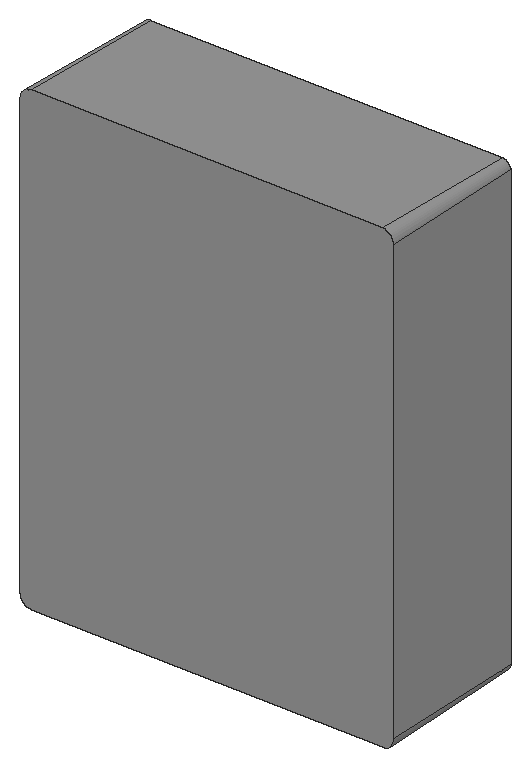
Revit family "L&L_LUCE&LIGHT_PASITO_MINI_1.2", category Lighting Fixtures, host Wall, Revit 2018 (continued)
Types (2, lengths in cm): name | Photometric Web File | built-in parameter 1150142
    0.00 0.00 0.00 0.00 \r\n0.00 0.00 0.00 0.00 0.00 0.00 0.00 0.00 0.00 0.00 0.00 \r\n0.00 0.00 0.00 0.00 0.00 0.00 0.00 0.00 0.00 0.00 0.00 \r\n0.00 0.00 0.00 0.00 0.00 0.00 0.00 0.00 0.00 0.00 0.00 \r\n0.00 0.00 0.00 0.00 0.00 0.00 0.00 0.00 0.00 0.00 0.00 \r\n0.00 0.00 0.00 0.00 0.00 0.00 0.00 0.00 0.00 0.00 0.00 \r\n0.00 0.00 0.00 0.00 0.00 0.00 0.00 0.00 0.00 0.00 0.00 \r\n0.00 0.00 0.00 0.00 0.00 \r\n0.00 0.00 0.00 0.00 0.00 0.00 0.00 0.00 0.00 0.00 0.00 \r\n0.00 0.00 0.00 0.00 0.00 0.00 0.00 0.00 0.00 0.00 0.00 \r\n0.00 0.00 0.00 0.00 0.00 0.00 0.00 0.00 0.00 0.00 0.00 \r\n0.00 0.00 0.00 0.00 0.00 0.00 0.00 0.00 0.00 0.00 0.00 \r\n0.00 0.00 0.00 0.00 0.00 0.00 0.00 0.00 0.00 0.00 0.00 \r\n0.00 0.00 0.00 0.00 0.00 0.00 0.00 0.00 0.00 0.00 0.00 \r\n0.00 0.00 0.00 0.00 0.00 0.00 0.00 0.00 0.00 0.00 0.00 \r\n0.00 0.00 0.00 0.00 0.00 0.00 0.00 0.00 0.00 0.00 0.00 \r\n0.00 0.00 0.00 0.00 0.00 0.00 0.00 0.00 0.00 0.00 0.00 \r\n0.00 0.00 0.00 0.00 0.00 0.00 0.00 0.00 0.00 0.00 0.00 \r\n0.00 0.00 0.00 0.00 0.00 0.00 0.00 0.00 0.00 0.00 0.00 \r\n0.00 0.00 0.00 0.00 0.00 0.00 0.00 0.00 0.00 0.00 0.00 \r\n0.00 0.00 0.00 0.00 0.00 0.00 0.00 0.00 0.00 0.00 0.00 \r\n0.00 0.00 0.00 0.00 0.00 0.00 0.00 0.00 0.00 0.00 0.00 \r\n0.00 0.00 0.00 0.00 0.00 0.00 0.00 0.00 0.00 0.00 0.00 \r\n0.00 0.00 0.00 0.00 0.00 0.00 0.00 0.00 0.00 0.00 0.00 \r\n0.00 0.00 0.00 0.00 0.00 \r\n0.00 0.00 0.00 0.00 0.00 0.00 0.00 0.00 0.00 0.00 0.00 \r\n0.00 0.00 0.00 0.00 0.00 0.00 0.00 0.00 0.00 0.00 0.00 \r\n0.00 0.00 0.00 0.00 0.00 0.00 0.00 0.00 0.00 0.00 0.00 \r\n0.00 0.00 0.00 0.00 0.00 0.00 0.00 0.00 0.00 0.00 0.00 \r\n0.00 0.00 0.00 0.00 0.00 0.00 0.00 0.00 0.00 0.00 0.00 \r\n0.00 0.00 0.00 0.00 0.00 0.00 0.00 0.00 0.00 0.00 0.00 \r\n0.00 0.00 0.00 0.00 0.00 0.00 0.00 0.00 0.00 0.00 0.00 \r\n0.00 0.00 0.00 0.00 0.00 0.00 0.00 0.00 0.00 0.00 0.00 \r\n0.00 0.00 0.00 0.00 0.00 0.00 0.00 0.00 0.00 0.00 0.00 \r\n0.00 0.00 0.00 0.00 0.00 0.00 0.00 0.00 0.00 0.00 0.00 \r\n0.00 0.00 0.00 0.00 0.00 0.00 0.00 0.00 0.00 0.00 0.00 \r\n0.00 0.00 0.00 0.00 0.00 0.00 0.00 0.00 0.00 0.00 0.00 \r\n0.00 0.00 0.00 0.00 0.00 0.00 0.00 0.00 0.00 0.00 0.00 \r\n0.00 0.00 0.00 0.00 0.00 0.00 0.00 0.00 0.00 0.00 0.00 \r\n0.00 0.00 0.00 0.00 0.00 0.00 0.00 0.00 0.00 0.00 0.00 \r\n0.00 0.00 0.00 0.00 0.00 0.00 0.00 0.00 0.00 0.00 0.00 \r\n0.00 0.00 0.00 0.00 0.00 \r\n0.00 0.00 0.00 0.00 0.00 0.00 0.00 0.00 0.00 0.00 0.00 \r\n0.00 0.00 0.00 0.00 0.00 0.00 0.00 0.00 0.00 0.00 0.00 \r\n0.00 0.00 0.00 0.00 0.00 0.00 0.00 0.00 0.00 0.00 0.00 \r\n0.00 0.00 0.00 0.00 0.00 0.00 0.00 0.00 0.00 0.00 0.00 \r\n0.00 0.00 0.00 0.00 0.00 0.00 0.00 0.00 0.00 0.00 0.00 \r\n0.00 0.00 0.00 0.00 0.00 0.00 0.00 0.00 0.00 0.00 0.00 \r\n0.00 0.00 0.00 0.00 0.00 0.00 0.00 0.00 0.00 0.00 0.00 \r\n0.00 0.00 0.00 0.00 0.00 0.00 0.00 0.00 0.00 0.00 0.00 \r\n0.00 0.00 0.00 0.00 0.00 0.00 0.00 0.00 0.00 0.00 0.00 \r\n0.00 0.00 0.00 0.00 0.00 0.00 0.00 0.00 0.00 0.00 0.00 \r\n0.00 0.00 0.00 0.00 0.00 0.00 0.00 0.00 0.00 0.00 0.00 \r\n0.00 0.00 0.00 0.00 0.00 0.00 0.00 0.00 0.00 0.00 0.00 \r\n0.00 0.00 0.00 0.00 0.00 0.00 0.00 0.00 0.00 0.00 0.00 \r\n0.00 0.00 0.00 0.00 0.00 0.00 0.00 0.00 0.00 0.00 0.00 \r\n0.00 0.00 0.00 0.00 0.00 0.00 0.00 0.00 0.00 0.00 0.00 \r\n0.00 0.00 0.00 0.00 0.00 0.00 0.00 0.00 0.00 0.00 0.00 \r\n0.00 0.00 0.00 0.00 0.00 \r\n0.00 0.00 0.00 0.00 0.00 0.00 0.00 0.00 0.00 0.00 0.00 \r\n0.00 0.00 0.00 0.00 0.00 0.00 0.00 0.00 0.00 0.00 0.00 \r\n0.00 0.00 0.00 0.00 0.00 0.00 0.00 0.00 0.00 0.00 0.00 \r\n0.00 0.00 0.00 0.00 0.00 0.00 0.00 0.00 0.00 0.00 0.00 \r\n0.00 0.00 0.00 0.00 0.00 0.00 0.00 0.00 0.00 0.00 0.00 \r\n0.00 0.00 0.00 0.00 0.00 0.00 0.00 0.00 0.00 0.00 0.00 \r\n0.00 0.00 0.00 0.00 0.00 0.00 0.00 0.00 0.00 0.00 0.00 \r\n0.00 0.00 0.00 0.00 0.00 0.00 0.00 0.00 0.00 0.00 0.00 \r\n0.00 0.00 0.00 0.00 0.00 0.00 0.00 0.00 0.00 0.00 0.00 \r\n0.00 0.00 0.00 0.00 0.00 0.00 0.00 0.00 0.00 0.00 0.00 \r\n0.00 0.00 0.00 0.00 0.00 0.00 0.00 0.00 0.00 0.00 0.00 \r\n0.00 0.00 0.00 0.00 0.00 0.00 0.00 0.00 0.00 0.00 0.00 \r\n0.00 0.00 0.00 0.00 0.00 0.00 0.00 0.00 0.00 0.00 0.00 \r\n0.00 0.00 0.00 0.00 0.00 0.00 0.00 0.00 0.00 0.00 0.00 \r\n0.00 0.00 0.00 0.00 0.00 0.00 0.00 0.00 0.00 0.00 0.00 \r\n0.00 0.00 0.00 0.00 0.00 0.00 0.00 0.00 0.00 0.00 0.00 \r\n0.00 0.00 0.00 0.00 0.00 \r\n0.00 0.00 0.00 0.00 0.00 0.00 0.00 0.00 0.00 0.00 0.00 \r\n0.00 0.00 0.00 0.00 0.00 0.00 0.00 0.00 0.00 0.00 0.00 \r\n0.00 0.00 0.00 0.00 0.00 0.00 0.00 0.00 0.00 0.00 0.00 \r\n0.00 0.00 0.00 0.00 0.00 0.00 0.00 0.00 0.00 0.00 0.00 \r\n0.00 0.00 0.00 0.00 0.00 0.00 0.00 0.00 0.00 0.00 0.00 \r\n0.00 0.00 0.00 0.00 0.00 0.00 0.00 0.00 0.00 0.00 0.00 \r\n0.00 0.00 0.00 0.00 0.00 0.00 0.00 0.00 0.00 0.00 0.00 \r\n0.00 0.00 0.00 0.00 0.00 0.00 0.00 0.00 0.00 0.00 0.00 \r\n0.00 0.00 0.00 0.00 0.00 0.00 0.00 0.00 0.00 0.00 0.00 \r\n0.00 0.00 0.00 0.00 0.00 0.00 0.00 0.00 0.00 0.00 0.00 \r\n0.00 0.00 0.00 0.00 0.00 0.00 0.00 0.00 0.00 0.00 0.00 \r\n0.00 0.00 0.00 0.00 0.00 0.00 0.00 0.00 0.00 0.00 0.00 \r\n0.00 0.00 0.00 0.00 0.00 0.00 0.00 0.00 0.00 0.00 0.00 \r\n0.00 0.00 0.00 0.00 0.00 0.00 0.00 0.00 0.00 0.00 0.00 \r\n0.00 0.00 0.00 0.00 0.00 0.00 0.00 0.00 0.00 0.00 0.00 \r\n0.00 0.00 0.00 0.00 0.00 0.00 0.00 0.00 0.00 0.00 0.00 \r\n0.00 0.00 0.00 0.00 0.00 \r\n0.00 0.00 0.00 0.00 0.00 0.00 0.00 0.00 0.00 0.00 0.00 \r\n0.00 0.00 0.00 0.00 0.00 0.00 0.00 0.00 0.00 0.00 0.00 \r\n0.00 0.00 0.00 0.00 0.00 0.00 0.00 0.00 0.00 0.00 0.00 \r\n0.00 0.00 0.00 0.00 0.00 0.00 0.00 0.00 0.00 0.00 0.00 \r\n0.00 0.00 0.00 0.00 0.00 0.00 0.00 0.00 0.00 0.00 0.00 \r\n0.00 0.00 0.00 0.00 0.00 0.00 0.00 0.00 0.00 0.00 0.00 \r\n0.00 0.00 0.00 0.00 0.00 0.00 0.00 0.00 0.00 0.00 0.00 \r\n0.00 0.00 0.00 0.00 0.00 0.00 0.00 0.00 0.00 0.00 0.00 \r\n0.00 0.00 0.00 0.00 0.00 0.00 0.00 0.00 0.00 0.00 0.00 \r\n0.00 0.00 0.00 0.00 0.00 0.00 0.00 0.00 0.00 0.00 0.00 \r\n0.00 0.00 0.00 0.00 0.00 0.00 0.00 0.00 0.00 0.00 0.00 \r\n0.00 0.00 0.00 0.00 0.00 0.00 0.00 0.00 0.00 0.00 0.00 \r\n0.00 0.00 0.00 0.00 0.00 0.00 0.00 0.00 0.00 0.00 0.00 \r\n0.00 0.00 0.00 0.00 0.00 0.00 0.00 0.00 0.00 0.00 0.00 \r\n0.00 0.00 0.00 0.00 0.00 0.00 0.00 0.00 0.00 0.00 0.00 \r\n0.00 0.00 0.00 0.00 0.00 0.00 0.00 0.00 0.00 0.00 0.00 \r\n0.00 0.00 0.00 0.00 0.00 \r\n0.00 0.00 0.00 0.00 0.00 0.00 0.00 0.00 0.00 0.00 0.00 \r\n0.00 0.00 0.00 0.00 0.00 0.00 0.00 0.00 0.00 0.00 0.00 \r\n0.00 0.00 0.00 0.00 0.00 0.00 0.00 0.00 0.00 0.00 0.00 \r\n0.00 0.00 0.00 0.00 0.00 0.00 0.00 0.00 0.00 0.00 0.00 \r\n0.00 0.00 0.00 0.00 0.00 0.00 0.00 0.00 0.00 0.00 0.00 \r\n0.00 0.00 0.00 0.00 0.00 0.00 0.00 0.00 0.00 0.00 0.00 \r\n0.00 0.00 0.00 0.00 0.00 0.00 0.00 0.00 0.00 0.00 0.00 \r\n0.00 0.00 0.00 0.00 0.00 0.00 0.00 0.00 0.00 0.00 0.00 \r\n0.00 0.00 0.00 0.00 0.00 0.00 0.00 0.00 0.00 0.00 0.00 \r\n0.00 0.00 0.00 0.00 0.00 0.00 0.00 0.00 0.00 0.00 0.00 \r\n0.00 0.00 0.00 0.00 0.00 0.00 0.00 0.00 0.00 0.00 0.00 \r\n0.00 0.00 0.00 0.00 0.00 0.00 0.00 0.00 0.00 0.00 0.00 \r\n0.00 0.00 0.00 0.00 0.00 0.00 0.00 0.00 0.00 0.00 0.00 \r\n0.00 0.00 0.00 0.00 0.00 0.00 0.00 0.00 0.00 0.00 0.00 \r\n0.00 0.00 0.00 0.00 0.00 0.00 0.00 0.00 0.00 0.00 0.00 \r\n0.00 0.00 0.00 0.00 0.00 0.00 0.00 0.00 0.00 0.00 0.00 \r\n0.00 0.00 0.00 0.00 0.00 \r\n0.00 0.00 0.00 0.00 0.00 0.00 0.00 0.00 0.00 0.00 0.00 \r\n0.00 0.00 0.00 0.00 0.00 0.00 0.00 0.00 0.00 0.00 0.00 \r\n0.00 0.00 0.00 0.00 0.00 0.00 0.00 0.00 0.00 0.00 0.00 \r\n0.00 0.00 0.00 0.00 0.00 0.00 0.00 0.00 0.00 0.00 0.00 \r\n0.00 0.00 0.00 0.00 0.00 0.00 0.00 0.00 0.00 0.00 0.00 \r\n0.00 0.00 0.00 0.00 0.00 0.00 0.00 0.00 0.00 0.00 0.00 \r\n0.00 0.00 0.00 0.00 0.00 0.00 0.00 0.00 0.00 0.00 0.00 \r\n0.00 0.00 0.00 0.00 0.00 0.00 0.00 0.00 0.00 0.00 0.00 \r\n0.00 0.00 0.00 0.00 0.00 0.00 0.00 0.00 0.00 0.00 0.00 \r\n0.00 0.00 0.00 0.00 0.00 0.00 0.00 0.00 0.00 0.00 0.00 \r\n0.00 0.00 0.00 0.00 0.00 0.00 0.00 0.00 0.00 0.00 0.00 \r\n0.00 0.00 0.00 0.00 0.00 0.00 0.00 0.00 0.00 0.00 0.00 \r\n0.00 0.00 0.00 0.00 0.00 0.00 0.00 0.00 0.00 0.00 0.00 \r\n0.00 0.00 0.00 0.00 0.00 0.00 0.00 0.00 0.00 0.00 0.00 \r\n0.00 0.00 0.00 0.00 0.00 0.00 0.00 0.00 0.00 0.00 0.00 \r\n0.00 0.00 0.00 0.00 0.00 0.00 0.00 0.00 0.00 0.00 0.00 \r\n0.00 0.00 0.00 0.00 0.00 \r\n0.00 0.00 0.00 0.00 0.00 0.00 0.00 0.00 0.00 0.00 0.00 \r\n0.00 0.00 0.00 0.00 0.00 0.00 0.00 0.00 0.00 0.00 0.00 \r\n0.00 0.00 0.00 0.00 0.00 0.00 0.00 0.00 0.00 0.00 0.00 \r\n0.00 0.00 0.00 0.00 0.00 0.00 0.00 0.00 0.00 0.00 0.00 \r\n0.00 0.00 0.00 0.00 0.00 0.00 0.00 0.00 0.00 0.00 0.00 \r\n0.00 0.00 0.00 0.00 0.00 0.00 0.00 0.00 0.00 0.00 0.00 \r\n0.00 0.00 0.00 0.00 0.00 0.00 0.00 0.00 0.00 0.00 0.00 \r\n0.00 0.00 0.00 0.00 0.00 0.00 0.00 0.00 0.00 0.00 0.00 \r\n0.00 0.00 0.00 0.00 0.00 0.00 0.00 0.00 0.00 0.00 0.00 \r\n0.00 0.00 0.00 0.00 0.00 0.00 0.00 0.00 0.00 0.00 0.00 \r\n0.00 0.00 0.00 0.00 0.00 0.00 0.00 0.00 0.00 0.00 0.00 \r\n0.00 0.00 0.00 0.00 0.00 0.00 0.00 0.00 0.00 0.00 0.00 \r\n0.00 0.00 0.00 0.00 0.00 0.00 0.00 0.00 0.00 0.00 0.00 \r\n0.00 0.00 0.00 0.00 0.00 0.00 0.00 0.00 0.00 0.00 0.00 \r\n0.00 0.00 0.00 0.00 0.00 0.00 0.00 0.00 0.00 0.00 0.00 \r\n0.00 0.00 0.00 0.00 0.00 0.00 0.00 0.00 0.00 0.00 0.00 \r\n0.00 0.00 0.00 0.00 0.00 \r\n0.00 0.00 0.00 0.00 0.00 0.00 0.00 0.00 0.00 0.00 0.00 \r\n0.00 0.00 0.00 0.00 0.00 0.00 0.00 0.00 0.00 0.00 0.00 \r\n0.00 0.00 0.00 0.00 0.00 0.00 0.00 0.00 0.00 0.00 0.00 \r\n0.00 0.00 0.00 0.00 0.00 0.00 0.00 0.00 0.00 0.00 0.00 \r\n0.00 0.00 0.00 0.00 0.00 0.00 0.00 0.00 0.00 0.00 0.00 \r\n0.00 0.00 0.00 0.00 0.00 0.00 0.00 0.00 0.00 0.00 0.00 \r\n0.00 0.00 0.00 0.00 0.00 0.00 0.00 0.00 0.00 0.00 0.00 \r\n0.00 0.00 0.00 0.00 0.00 0.00 0.00 0.00 0.00 0.00 0.00 \r\n0.00 0.00 0.00 0.00 0.00 0.00 0.00 0.00 0.00 0.00 0.00 \r\n0.00 0.00 0.00 0.00 0.00 0.00 0.00 0.00 0.00 0.00 0.00 \r\n0.00 0.00 0.00 0.00 0.00 0.00 0.00 0.00 0.00 0.00 0.00 \r\n0.00 0.00 0.00 0.00 0.00 0.00 0.00 0.00 0.00 0.00 0.00 \r\n0.00 0.00 0.00 0.00 0.00 0.00 0.00 0.00 0.00 0.00 0.00 \r\n0.00 0.00 0.00 0.00 0.00 0.00 0.00 0.00 0.00 0.00 0.00 \r\n0.00 0.00 0.00 0.00 0.00 0.00 0.00 0.00 0.00 0.00 0.00 \r\n0.00 0.00 0.00 0.00 0.00 0.00 0.00 0.00 0.00 0.00 0.00 \r\n0.00 0.00 0.00 0.00 0.00 \r\n0.00 0.00 0.00 0.00 0.00 0.00 0.00 0.00 0.00 0.00 0.00 \r\n0.00 0.00 0.00 0.00 0.00 0.00 0.00 0.00 0.00 0.00 0.00 \r\n0.00 0.00 0.00 0.00 0.00 0.00 0.00 0.00 0.00 0.00 0.00 \r\n0.00 0.00 0.00 0.00 0.00 0.00 0.00 0.00 0.00 0.00 0.00 \r\n0.00 0.00 0.00 0.00 0.00 0.00 0.00 0.00 0.00 0.00 0.00 \r\n0.00 0.00 0.00 0.00 0.00 0.00 0.00 0.00 0.00 0.00 0.00 \r\n0.00 0.00 0.00 0.00 0.00 0.00 0.00 0.00 0.00 0.00 0.00 \r\n0.00 0.00 0.00 0.00 0.00 0.00 0.00 0.00 0.00 0.00 0.00 \r\n0.00 0.00 0.00 0.00 0.00 0.00 0.00 0.00 0.00 0.00 0.00 \r\n0.00 0.00 0.00 0.00 0.00 0.00 0.00 0.00 0.00 0.00 0.00 \r\n0.00 0.00 0.00 0.00 0.00 0.00 0.00 0.00 0.00 0.00 0.00 \r\n0.00 0.00 0.00 0.00 0.00 0.00 0.00 0.00 0.00 0.00 0.00 \r\n0.00 0.00 0.00 0.00 0.00 0.00 0.00 0.00 0.00 0.00 0.00 \r\n0.00 0.00 0.00 0.00 0.00 0.00 0.00 0.00 0.00 0.00 0.00 \r\n0.00 0.00 0.00 0.00 0.00 0.00 0.00 0.00 0.00 0.00 0.00 \r\n0.00 0.00 0.00 0.00 0.00 0.00 0.00 0.00 0.00 0.00 0.00 \r\n0.00 0.00 0.00 0.00 0.00 \r\n0.00 0.00 0.00 0.00 0.00 0.00 0.00 0.00 0.00 0.00 0.00 \r\n0.00 0.00 0.00 0.00 0.00 0.00 0.00 0.00 0.00 0.00 0.00 \r\n0.00 0.00 0.00 0.00 0.00 0.00 0.00 0.00 0.00 0.00 0.00 \r\n0.00 0.00 0.00 0.00 0.00 0.00 0.00 0.00 0.00 0.00 0.00 \r\n0.00 0.00 0.00 0.00 0.00 0.00 0.00 0.00 0.00 0.00 0.00 \r\n0.00 0.00 0.00 0.00 0.00 0.00 0.00 0.00 0.00 0.00 0.00 \r\n0.00 0.00 0.00 0.00 0.00 0.00 0.00 0.00 0.00 0.00 0.00 \r\n0.00 0.00 0.00 0.00 0.00 0.00 0.00 0.00 0.00 0.00 0.00 \r\n0.00 0.00 0.00 0.00 0.00 0.00 0.00 0.00 0.00 0.00 0.00 \r\n0.00 0.00 0.00 0.00 0.00 0.00 0.00 0.00 0.00 0.00 0.00 \r\n0.00 0.00 0.00 0.00 0.00 0.00 0.00 0.00 0.00 0.00 0.00 \r\n0.00 0.00 0.00 0.00 0.00 0.00 0.00 0.00 0.00 0.00 0.00 \r\n0.00 0.00 0.00 0.00 0.00 0.00 0.00 0.00 0.00 0.00 0.00 \r\n0.00 0.00 0.00 0.00 0.00 0.00 0.00 0.00 0.00 0.00 0.00 \r\n0.00 0.00 0.00 0.00 0.00 0.00 0.00 0.00 0.00 0.00 0.00 \r\n0.00 0.00 0.00 0.00 0.00 0.00 0.00 0.00 0.00 0.00 0.00 \r\n0.00 0.00 0.00 0.00 0.00 \r\n0.00 0.00 0.00 0.00 0.00 0.00 0.00 0.00 0.00 0.00 0.00 \r\n0.00 0.00 0.00 0.00 0.00 0.00 0.00 0.00 0.00 0.00 0.00 \r\n0.00 0.00 0.00 0.00 0.00 0.00 0.00 0.00 0.00 0.00 0.00 \r\n0.00 0.00 0.00 0.00 0.00 0.00 0.00 0.00 0.00 0.00 0.00 \r\n0.00 0.00 0.00 0.00 0.00 0.00 0.00 0.00 0.00 0.00 0.00 \r\n0.00 0.00 0.00 0.00 0.00 0.00 0.00 0.00 0.00 0.00 0.00 \r\n0.00 0.00 0.00 0.00 0.00 0.00 0.00 0.00 0.00 0.00 0.00 \r\n0.00 0.00 0.00 0.00 0.00 0.00 0.00 0.00 0.00 0.00 0.00 \r\n0.00 0.00 0.00 0.00 0.00 0.00 0.00 0.00 0.00 0.00 0.00 \r\n0.00 0.00 0.00 0.00 0.00 0.00 0.00 0.00 0.00 0.00 0.00 \r\n0.00 0.00 0.00 0.00 0.00 0.00 0.00 0.00 0.00 0.00 0.00 \r\n0.00 0.00 0.00 0.00 0.00 0.00 0.00 0.00 0.00 0.00 0.00 \r\n0.00 0.00 0.00 0.00 0.00 0.00 0.00 0.00 0.00 0.00 0.00 \r\n0.00 0.00 0.00 0.00 0.00 0.00 0.00 0.00 0.00 0.00 0.00 \r\n0.00 0.00 0.00 0.00 0.00 0.00 0.00 0.00 0.00 0.00 0.00 \r\n0.00 0.00 0.00 0.00 0.00 0.00 0.00 0.00 0.00 0.00 0.00 \r\n0.00 0.00 0.00 0.00 0.00 \r\n0.00 0.00 0.00 0.00 0.00 0.00 0.00 0.00 0.00 0.00 0.00 \r\n0.00 0.00 0.00 0.00 0.00 0.00 0.00 0.00 0.00 0.00 0.00 \r\n0.00 0.00 0.00 0.00 0.00 0.00 0.00 0.00 0.00 0.00 0.00 \r\n0.00 0.00 0.00 0.00 0.00 0.00 0.00 0.00 0.00 0.00 0.00 \r\n0.00 0.00 0.00 0.00 0.00 0.00 0.00 0.00 0.00 0.00 0.00 \r\n0.00 0.00 0.00 0.00 0.00 0.00 0.00 0.00 0.00 0.00 0.00 \r\n0.00 0.00 0.00 0.00 0.00 0.00 0.00 0.00 0.00 0.00 0.00 \r\n0.00 0.00 0.00 0.00 0.00 0.00 0.00 0.00 0.00 0.00 0.00 \r\n0.00 0.00 0.00 0.00 0.00 0.00 0.00 0.00 0.00 0.00 0.00 \r\n0.00 0.00 0.00 0.00 0.00 0.00 0.00 0.00 0.00 0.00 0.00 \r\n0.00 0.00 0.00 0.00 0.00 0.00 0.00 0.00 0.00 0.00 0.00 \r\n0.00 0.00 0.00 0.00 0.00 0.00 0.00 0.00 0.00 0.00 0.00 \r\n0.00 0.00 0.00 0.00 0.00 0.00 0.00 0.00 0.00 0.00 0.00 \r\n0.00 0.00 0.00 0.00 0.00 0.00 0.00 0.00 0.00 0.00 0.00 \r\n0.00 0.00 0.00 0.00 0.00 0.00 0.00 0.00 0.00 0.00 0.00 \r\n0.00 0.00 0.00 0.00 0.00 0.00 0.00 0.00 0.00 0.00 0.00 \r\n0.00 0.00 0.00 0.00 0.00 \r\n0.00 0.00 0.00 0.00 0.00 0.00 0.00 0.00 0.00 0.00 0.00 \r\n0.00 0.00 0.00 0.00 0.00 0.00 0.00 0.00 0.00 0.00 0.00 \r\n0.00 0.00 0.00 0.00 0.00 0.00 0.00 0.00 0.00 0.00 0.00 \r\n0.00 0.00 0.00 0.00 0.00 0.00 0.00 0.00 0.00 0.00 0.00 \r\n0.00 0.00 0.00 0.00 0.00 0.00 0.00 0.00 0.00 0.00 0.00 \r\n0.00 0.00 0.00 0.00 0.00 0.00 0.00 0.00 0.00 0.00 0.00 \r\n0.00 0.00 0.00 0.00 0.00 0.00 0.00 0.00 0.00 0.00 0.00 \r\n0.00 0.00 0.00 0.00 0.00 0.00 0.00 0.00 0.00 0.00 0.00 \r\n0.00 0.00 0.00 0.00 0.00 0.00 0.00 0.00 0.00 0.00 0.00 \r\n0.00 0.00 0.00 0.00 0.00 0.00 0.00 0.00 0.00 0.00 0.00 \r\n0.00 0.00 0.00 0.00 0.00 0.00 0.00 0.00 0.00 0.00 0.00 \r\n0.00 0.00 0.00 0.00 0.00 0.00 0.00 0.00 0.00 0.00 0.00 \r\n0.00 0.00 0.00 0.00 0.00 0.00 0.00 0.00 0.00 0.00 0.00 \r\n0.00 0.00 0.00 0.00 0.00 0.00 0.00 0.00 0.00 0.00 0.00 \r\n0.00 0.00 0.00 0.00 0.00 0.00 0.00 0.00 0.00 0.00 0.00 \r\n0.00 0.00 0.00 0.00 0.00 0.00 0.00 0.00 0.00 0.00 0.00 \r\n0.00 0.00 0.00 0.00 0.00 \r\n0.00 0.00 0.00 0.00 0.00 0.00 0.00 0.00 0.00 0.00 0.00 \r\n0.00 0.00 0.00 0.00 0.00 0.00 0.00 0.00 0.00 0.00 0.00 \r\n0.00 0.00 0.00 0.00 0.00 0.00 0.00 0.00 0.00 0.00 0.00 \r\n0.00 0.00 0.00 0.00 0.00 0.00 0.00 0.00 0.00 0.00 0.00 \r\n0.00 0.00 0.00 0.00 0.00 0.00 0.00 0.00 0.00 0.00 0.00 \r\n0.00 0.00 0.00 0.00 0.00 0.00 0.00 0.00 0.00 0.00 0.00 \r\n0.00 0.00 0.00 0.00 0.00 0.00 0.00 0.00 0.00 0.00 0.00 \r\n0.00 0.00 0.00 0.00 0.00 0.00 0.00 0.00 0.00 0.00 0.00 \r\n0.00 0.00 0.00 0.00 0.00 0.00 0.00 0.00 0.00 0.00 0.00 \r\n0.00 0.00 0.00 0.00 0.00 0.00 0.00 0.00 0.00 0.00 0.00 \r\n0.00 0.00 0.00 0.00 0.00 0.00 0.00 0.00 0.00 0.00 0.00 \r\n0.00 0.00 0.00 0.00 0.00 0.00 0.00 0.00 0.00 0.00 0.00 \r\n0.00 0.00 0.00 0.00 0.00 0.00 0.00 0.00 0.00 0.00 0.00 \r\n0.00 0.00 0.00 0.00 0.00 0.00 0.00 0.00 0.00 0.00 0.00 \r\n0.00 0.00 0.00 0.00 0.00 0.00 0.00 0.00 0.00 0.00 0.00 \r\n0.00 0.00 0.00 0.00 0.00 0.00 0.00 0.00 0.00 0.00 0.00 \r\n0.00 0.00 0.00 0.00 0.00 \r\n0.00 0.00 0.00 0.00 0.00 0.00 0.00 0.00 0.00 0.00 0.00 \r\n0.00 0.00 0.00 0.00 0.00 0.00 0.00 0.00 0.00 0.00 0.00 \r\n0.00 0.00 0.00 0.00 0.00 0.00 0.00 0.00 0.00 0.00 0.00 \r\n0.00 0.00 0.00 0.00 0.00 0.00 0.00 0.00 0.00 0.00 0.00 \r\n0.00 0.00 0.00 0.00 0.00 0.00 0.00 0.00 0.00 0.00 0.00 \r\n0.00 0.00 0.00 0.00 0.00 0.00 0.00 0.00 0.00 0.00 0.00 \r\n0.00 0.00 0.00 0.00 0.00 0.00 0.00 0.00 0.00 0.00 0.00 \r\n0.00 0.00 0.00 0.00 0.00 0.00 0.00 0.00 0.00 0.00 0.00 \r\n0.00 0.00 0.00 0.00 0.00 0.00 0.00 0.00 0.00 0.00 0.00 \r\n0.00 0.00 0.00 0.00 0.00 0.00 0.00 0.00 0.00 0.00 0.00 \r\n0.00 0.00 0.00 
